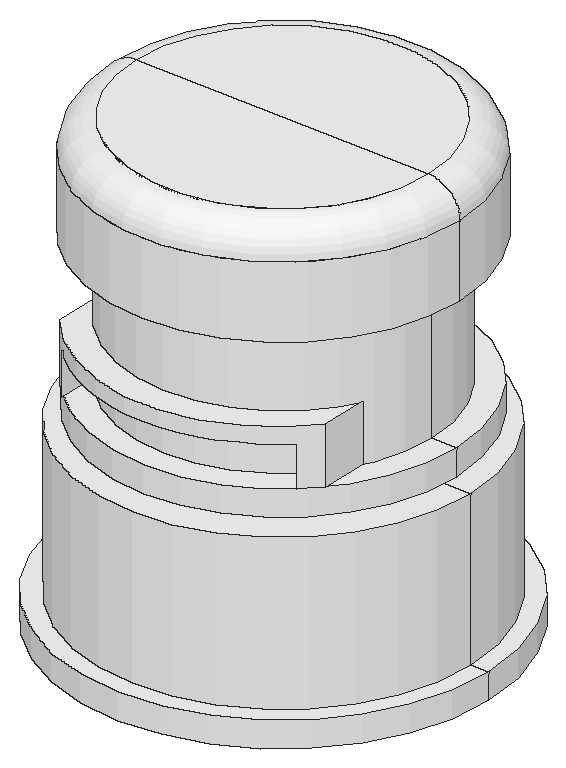
Revit family "HL_Вентиляционный клапан_HL902", category Příslušenství trubek, Revit 2016
Family settings
  Typ součásti = Ventil – zalomení do
  Kóta kulaté spojky = Použít průměr
  Číslo OmniClass = 23.70.50.21
  Nadpis OmniClass = Liquid Waste Collection and Removal
  Založené na pracovní rovině = Ne
  Vždy vertikální = Ano
  Ořezat dutým tvarem při načtení = Ne
  Sdílené = Ne
Parameters (values of type "HL_Вентиляционный клапан_HL902")
  РАЗМЕР = "1 \""
  ПРАВОВАЯ ИНФОРМАЦИЯ = "\"Авторские права(©), права на дизайн или какие либо другие права интелектуальной собственности являются исключительной собственностью компании HL Hutterer & Lechner. Изменению не подлежит. Файл семейства с данными о прозводителе изделия защищен паролем с водяным знаком.\""
  НОМИНАЛЬНЫЙ ДИАМЕТР = 25 mm
  МАТЕРИАЛ = "PP"
  ВЕС = "0,03 kg"
  Výrobce = "HL Hutterer & Lechner GmbH"
  URL = "http://www.hutterer-lechner.com/ru/products/catalog/roof-drains/HL902.aspx"
  Popis = "Вентиляционный клапан"
  Model = "HL902"
  материал = Plactic - White
  Komentáře k typům = "Вентиляционный клапан 1\""
  Keynote = "HL902"
  EAN = "9003076909025"
  Cena = 0
Reference planes
  plane 1 "Střed (vpředu/vzadu)": y = 0
  plane 2: z = 0
  plane 3 "Střed (vlevo/vpravo)": x = 0
Forms (mm)
  Revolve 1, solid, material "Plactic - White" <- "материал", detail levels fine
    sketch origin (0, 0, 0) x (1, 0, 0) y (0, 0, 1)
      loop
        line (0, 44) -> (0, 0) -> (20.14, 0) -> (20.14, 2.493) -> (18.396, 2.493) -> (18.396, 17.5) -> (12.29, 17.5) -> (12.29, 18.5) -> (17.018, 18.5) -> (17.018, 21) -> (14.588, 21) -> (14.588, 34) -> (17.293, 34) -> (17.293, 40.997)
        arc (17.293, 40.997) -> (16.414, 43.12) -> (14.29, 44) r 3.003
        line (14.29, 44) -> (0, 44)
      axis (0, 44) -> (0, 0)
    angle from 0 to 360
  Extrusion 2, solid, material "Plactic - White" <- "материал", detail levels fine
    sketch origin (0, 0, 0) x (1, 0, 0) y (0, 0, 1)
      loop
        line (13, 26.5) -> (-13, 26.5) -> (-13, 21) -> (-11.5, 21) -> (-11.5, 25) -> (11.5, 25) -> (11.5, 21) -> (13, 21) -> (13, 26.5)
    from 0 to 22.44
  Extrusion 3, void
    sketch origin (0, 0, 0) x (1, 0, 0) y (0, 1, 0)
      loop
        line (-13, -10.982) -> (-23, -10.982) -> (-23, -25.982) -> (0, -25.982) -> (23, -25.982) -> (23, -10.982) -> (13, -10.982)
        arc (13, -10.982) -> (0, -17.294) -> (-13, -10.982) r 16.543
    from 0 to 100
Cuts and joins
  Extrusion 3 cuts Extrusion 2
Lines and regions (mm)
  model lines, detail levels coarse+medium
    curve 1: line (40, 0, 0) -> (0, 0, 40)
    curve 2: line (-40, 0, 0) -> (0, 0, 40)
  symbolic lines, detail levels coarse+medium
    curve 3: line (-30, 0, 0) -> (0, -30, 0)
    curve 4: line (30, 0, 0) -> (0, -30, 0)
Dimensions and locks
  aligned and locked: level to plane 2
Connectors
  piping at (0, 0, 0), diameter 25, driven by "НОМИНАЛЬНЫЙ ДИАМЕТР"
    settings: on plane 2, index 1, connector inside diameter 609.6 mm, connector length 0 mm, flow factor 0, pipe flow 0.0 m³/h, pressure drop 0.0 Pa, fitting loss kfactor 0, connector angle 0.00°, fixture units 0, engagement length 0 mm, angle of deflection 0.00°, flow configuration 0, flow direction 0, fitting loss method 0, system type 29, joint type 0, gender type 0, connector reference index -1, connector utility 0, adjustable connector no, is connector primary yes, connector description ""
